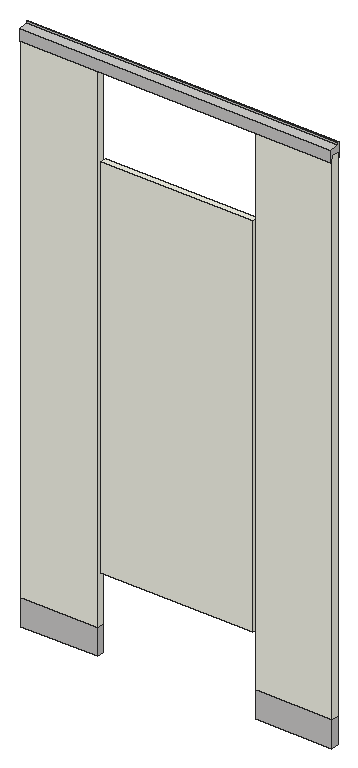
Revit family
Parameters (values of type "B1092")
  URL = "http://www.bobrick.com"
  Right Stile Headrail Value = if(Right Stile Visible, Right Stile Value, 0")  # 12"
  Partition Material = Laminated Plastic - Bobrick - Designer White
  Panel Value = if(DoorPanel Width < 1", 1", if(DoorPanel Width > 84", 84", DoorPanel Width))  # 24"
  Model = "B1092 SierraSeries Overhead Braced"
  Manufacturer = "Bobrick Washroom Equipment, Inc."
  Left Stile Headrail Value = if(Left Stile Visible, Left Stile Value, 0")  # 12"
  Inswing Value = if(DoorPanel Width < 22", 22", if(DoorPanel Width > 37", 37", DoorPanel Width))  # 24"
  DoorPanel Width = 24"
  Right Stile Width = 12"
  Right Stile Visible = yes
  Right Stile Value = if(Right Stile Width < 3", 3", if(Right Stile Width > 24", 24", Right Stile Width))  # 12"
  Panel = not(Door Panel)  # no
  Outswing Value = if(DoorPanel Width < 25", 25", if(DoorPanel Width > 37", 37", DoorPanel Width))  # 25"
  Outswing = and(not(Inswing Visibility), Door Panel)  # no
  Left Stile Width = 12"
  Left Stile Visible = yes
  Left Stile Value = if(Left Stile Width < 3", 3", if(Left Stile Width > 24", 24", Left Stile Width))  # 12"
  Inswing Visibility = and(Inswing, Door Panel)  # yes
  Inswing = yes
  Width Value = if(Inswing Visibility, Inswing Value, if(Outswing, Outswing Value, if(Panel, Panel Value, 36")))  # 24"
  Door Panel = yes
  Description = "Water and Fire-Resistant Solid Color Reinforced Composite Toilet Partitions and Urinal Screens"
  Assembly Code = "C1030200"
  ADA Compliant = yes
Reference planes (in)
  plane 1 "Center (Front/Back)": y = 0
  plane 2: z = 0
  plane 3 "Center (Left/Right)": x = 0
  plane 4: x = -24.5
  plane 5: x = 24.5
  plane 6: y = 0.5
  plane 7: y = -0.5
  plane 8: x = -12.5
  plane 9: x = 12.5
  plane 10: x = -12
  plane 11: x = 12
  plane 12: z = 4
  plane 13: z = 12
  plane 14: z = 70
  plane 15: z = 41
  plane 16: y = 24.5
  plane 17: x = 11
  plane 18: z = 85
  plane 19: z = 83.5625
  plane 20: z = 82.8125
  plane 21: z = 84.31651
Forms (in)
  Extrusion 1, solid, material "Laminated Plastic - Bobrick - Designer White" <- "Partition Material", visible <- "Left Stile Visible"
    sketch origin (0, 0, 0) x (1, 0, 0) y (0, 1, 0)
      loop
        line (-24.5, 0.5) -> (-24.5, -0.5) -> (-12.5, -0.5) -> (-12.5, 0.5) -> (-24.5, 0.5)
    from 4 to 83.5625
  Extrusion 2, solid, material "Stainless Steel - Bobrick - Satin", visible <- "Left Stile Visible"
    sketch origin (0, 0, 0) x (1, 0, 0) y (0, 1, 0)
      loop
        line (-24.5, 0.5) -> (-24.5, -0.5) -> (-12.5, -0.5) -> (-12.5, 0.5) -> (-24.5, 0.5)
    from 0 to 4
  Extrusion 3, solid, material "Laminated Plastic - Bobrick - Designer White" <- "Partition Material"
    sketch origin (0, 0, 0) x (1, 0, 0) y (0, 1, 0)
      loop
        line (-12, 0.5) -> (-12, -0.5) -> (12, -0.5) -> (12, 0.5) -> (-12, 0.5)
    from 12 to 70
  Extrusion 4, solid, material "Laminated Plastic - Bobrick - Designer White" <- "Partition Material", visible <- "Right Stile Visible"
    sketch origin (0, 0, 0) x (-1, 0, 0) y (0, -1, 0)
      loop
        line (-24.5, -0.5) -> (-12.5, -0.5) -> (-12.5, 0.5) -> (-24.5, 0.5) -> (-24.5, -0.5)
    from 4 to 83.5625
  Extrusion 5, solid, material "Stainless Steel - Bobrick - Satin", visible <- "Right Stile Visible"
    sketch origin (0, 0, 0) x (-1, 0, 0) y (0, -1, 0)
      loop
        line (-24.5, -0.5) -> (-12.5, -0.5) -> (-12.5, 0.5) -> (-24.5, 0.5) -> (-24.5, -0.5)
    from 0 to 4
  Sweep 6, solid, material "Stainless Steel - Bobrick - Satin"
    path origin (0, 0, 0) x (1, 0, 0) y (0, 0, 1)
      loop
        line (-24.5, 85) -> (24.5, 85)
    profile origin (0, 0, 85) x (0, 0, 1) y (0, -1, 0)
      loop
        line (0, -0.5) -> (-0.25, -0.5) -> (-0.5625, 0.75) -> (-2.1875, 0.75) -> (-2.1875, 0.5) -> (-1.4375, 0.5) -> (-1.4375, -0.5) -> (-2.1875, -0.5) -> (-2.1875, -0.75) -> (0, -0.75) -> (0, -0.5)
Lines and regions (in)
  Masking region 1, visible <- "Left Stile Visible"
    outline origin (0, 0, 0) x (1, 0, 0) y (0, 0, 1)
      loop
        line (-24.5, 82.8125) -> (-24.5, 0) -> (-12.5, 0) -> (-12.5, 82.8125) -> (-24.5, 82.8125)
  Masking region 2
    outline origin (0, 0, 0) x (1, 0, 0) y (0, 0, 1)
      loop
        line (-12, 70) -> (-12, 12) -> (12, 12) -> (12, 70) -> (-12, 70)
  Masking region 3, visible <- "Right Stile Visible"
    outline origin (0, 0, 0) x (1, 0, 0) y (0, 0, 1)
      loop
        line (12.5, 82.8125) -> (12.5, 0) -> (24.5, 0) -> (24.5, 82.8125) -> (12.5, 82.8125)
  Masking region 4, visible <- "Door Panel"
    outline origin (0, 0, 0) x (1, 0, 0) y (0, 1, 0)
      loop
        line (11, 24.5) -> (11, 0.5) -> (12, 0.5) -> (12, 24.5) -> (11, 24.5)
  Masking region 5, visible <- "Left Stile Visible"
    outline origin (0, 0, 0) x (1, 0, 0) y (0, 1, 0)
      loop
        line (-24.5, 0.5) -> (-24.5, -0.5) -> (-12.5, -0.5) -> (-12.5, 0.5) -> (-24.5, 0.5)
  Masking region 6, visible <- "Right Stile Visible"
    outline origin (0, 0, 0) x (1, 0, 0) y (0, 1, 0)
      loop
        line (12.5, 0.5) -> (12.5, -0.5) -> (24.5, -0.5) -> (24.5, 0.5) -> (12.5, 0.5)
  Masking region 7, visible <- "Panel"
    outline origin (0, 0, 0) x (1, 0, 0) y (0, 1, 0)
      loop
        line (-12, -0.5) -> (12, -0.5) -> (12, 0.5) -> (-12, 0.5) -> (-12, -0.5)
  Masking region 8
    outline origin (0, 0, 0) x (0, 1, 0) y (0, 0, 1)
      loop
        line (0.5, 83.5625) -> (-0.5, 83.5625) -> (-0.5, 0) -> (0.5, 0) -> (0.5, 83.5625)
  Masking region 9
    outline origin (0, 0, 0) x (1, 0, 0) y (0, 0, 1)
      loop
        line (24.5, 85) -> (-24.5, 85) -> (-24.5, 82.8125) -> (24.5, 82.8125) -> (24.5, 85)
  Masking region 10
    outline origin (0, 0, 0) x (0, 1, 0) y (0, 0, 1)
      loop
        line (0.75, 82.8125) -> (0.75, 85) -> (0.5, 85) -> (0.5, 84.75) -> (-0.75, 84.4375) -> (-0.75, 82.8125) -> (-0.5, 82.8125) -> (-0.5, 83.5625) -> (0.5, 83.5625) -> (0.5, 82.8125) -> (0.75, 82.8125)
  symbolic lines, visible <- "Left Stile Visible"
    curve 1: line (-24.5, 0, 4) -> (-12.5, 0, 4)
  symbolic lines, visible <- "Right Stile Visible"
    curve 2: line (12.5, 0, 4) -> (24.5, 0, 4)
  symbolic lines, style "Partition Elevation Swing", visible <- "Door Panel"
    curve 3: line (-12, 0, 70) -> (12, 0, 40.89791)
    curve 4: line (12, 0, 40.89791) -> (-12, 0, 12)
    curve 5: arc (-12, 0.5, 0) -> (-4.97056, 17.47056, 0) -> (12, 24.5, 0) r 24
  symbolic lines, style "Partition"
    curve 6: line (0, 0.5, 4) -> (0, -0.5, 4)
    curve 7: line (-24.5, 0, 84.31651) -> (24.5, 0, 84.31651)
Dimensions and locks (in)
  equal spacing: host sketch curve, plane 1 "Center (Front/Back)", host sketch curve
  equal spacing: host sketch curve, plane 3 "Center (Left/Right)", host sketch curve
  host sketch curve to host sketch curve = 120"  (x2)
  locked: plane 8 to plane 10 at 0.5
  locked: plane 11 to plane 9 at 0.5
  "Width Value": plane 10 to plane 11
  equal spacing: plane 10, plane 3 "Center (Left/Right)", plane 11
  "Left Stile Value": plane 4 to plane 8
  "Right Stile Value": plane 9 to plane 5
  locked: plane 12 to level at 4
  locked: plane 13 to level at 12
  locked: plane 18 to level at 85
  locked: plane 6 to plane 7 at 1
  equal spacing: plane 6, plane 1 "Center (Front/Back)", plane 7
  equal spacing: plane 14, plane 15, plane 13
  "Width Value": plane 16 to plane 6
  locked: plane 17 to plane 11 at 1
  plane 14 to plane 13 = 58"
  "Left Stile Headrail Value": plane 8 to Sweep 6 sketch curve
  "Right Stile Headrail Value": Sweep 6 sketch curve to plane 9
  locked: plane 18 to plane 19 at 1.4375
  locked: plane 18 to plane 20 at 2.1875
  aligned and locked: level to plane 2
  aligned and locked: Extrusion 1 sketch curve to plane 6
  aligned and locked: plane 4 to Extrusion 1 sketch curve
  aligned and locked: plane 7 to Extrusion 1 sketch curve
  aligned and locked: Extrusion 1 sketch curve to plane 8
  aligned: Extrusion 1 to level
  aligned: plane 14 to Extrusion 1
  aligned and locked: Extrusion 1 to plane 12
  aligned and locked: plane 4 to Extrusion 2 sketch curve
  aligned and locked: Extrusion 2 sketch curve to plane 6
  aligned and locked: Extrusion 2 sketch curve to plane 8
  aligned and locked: plane 7 to Extrusion 2 sketch curve
  aligned and locked: plane 12 to Extrusion 2
  aligned and locked: Extrusion 2 to level
  aligned and locked: plane 10 to Extrusion 3 sketch curve
  aligned and locked: Extrusion 3 sketch curve to plane 6
  aligned and locked: plane 7 to Extrusion 3 sketch curve
  aligned and locked: Extrusion 3 sketch curve to plane 11
  aligned and locked: plane 14 to Extrusion 3
  aligned and locked: Extrusion 3 to plane 13
  aligned and locked: Extrusion 5 sketch curve to plane 9
  aligned and locked: plane 6 to Extrusion 5 sketch curve
  aligned and locked: plane 5 to Extrusion 5 sketch curve
  aligned and locked: Extrusion 5 sketch curve to plane 7
  aligned and locked: Extrusion 4 sketch curve to plane 9
  aligned and locked: plane 6 to Extrusion 4 sketch curve
  aligned and locked: Extrusion 4 sketch curve to plane 7
  aligned and locked: plane 5 to Extrusion 4 sketch curve
  aligned: plane 14 to Extrusion 4
  aligned and locked: Masking region 1 sketch curve to plane 4
  aligned and locked: Masking region 1 sketch curve to level
  aligned and locked: Masking region 1 sketch curve to plane 8
  aligned and locked: Masking region 2 sketch curve to plane 14
  aligned and locked: Masking region 2 sketch curve to plane 10
  aligned and locked: Masking region 2 sketch curve to plane 11
  aligned and locked: Masking region 2 sketch curve to plane 13
  aligned and locked: Masking region 3 sketch curve to plane 9
  aligned and locked: Masking region 3 sketch curve to plane 5
  aligned and locked: Masking region 3 sketch curve to level
  aligned and locked: curve 1 to plane 12
  aligned and locked: plane 4 to curve 1
  aligned and locked: plane 8 to curve 1
  aligned and locked: curve 2 to plane 12
  aligned and locked: plane 5 to curve 2
  aligned and locked: plane 9 to curve 2
  aligned and locked: plane 14 to curve 3
  aligned and locked: plane 10 to curve 3
  aligned and locked: plane 11 to curve 4
  aligned and locked: plane 10 to curve 4
  aligned and locked: plane 13 to curve 4
  aligned and locked: Masking region 4 sketch curve to plane 16
  aligned and locked: plane 17 to Masking region 4 sketch curve
  aligned and locked: plane 6 to Masking region 4 sketch curve
  aligned and locked: Masking region 4 sketch curve to plane 11
  aligned and locked: Masking region 5 sketch curve to plane 6
  aligned and locked: plane 4 to Masking region 5 sketch curve
  aligned and locked: plane 7 to Masking region 5 sketch curve
  aligned and locked: Masking region 5 sketch curve to plane 8
  aligned and locked: Masking region 6 sketch curve to plane 6
  aligned and locked: plane 9 to Masking region 6 sketch curve
  aligned and locked: plane 7 to Masking region 6 sketch curve
  aligned and locked: Masking region 6 sketch curve to plane 5
  aligned and locked: Masking region 4 to curve 5
  aligned and locked: plane 10 to curve 5
  aligned and locked: plane 6 to curve 5  (x2)
  aligned and locked: plane 11 to curve 5
  aligned and locked: Masking region 7 sketch curve to plane 7
  aligned and locked: Masking region 7 sketch curve to plane 10
  aligned and locked: plane 6 to Masking region 7 sketch curve
  aligned and locked: plane 11 to Masking region 7 sketch curve
  aligned and locked: level to Masking region 8 sketch curve
  aligned and locked: Masking region 8 sketch curve to plane 6
  aligned and locked: plane 7 to Masking region 8 sketch curve
  aligned and locked: plane 12 to curve 6
  aligned and locked: plane 7 to curve 6
  aligned and locked: plane 6 to curve 6
  aligned and locked: Sweep 6 sketch curve to plane 18
  aligned: Extrusion 1 to Masking region 1
  aligned: Masking region 1 sketch curve to plane 20
  aligned and locked: Masking region 3 sketch curve to plane 20
  aligned and locked: plane 19 to Extrusion 4
  aligned and locked: Masking region 9 sketch curve to plane 4
  aligned and locked: plane 5 to Masking region 9 sketch curve
  aligned and locked: plane 18 to Masking region 9 sketch curve
  aligned and locked: curve 7 to plane 21
  aligned and locked: plane 4 to curve 7
  aligned and locked: plane 5 to curve 7
  aligned and locked: plane 19 to Extrusion 1
  aligned and locked: Masking region 8 sketch curve to plane 19
  aligned and locked: plane 20 to Masking region 10 sketch curve
  aligned and locked: Masking region 10 sketch curve to Sweep 6  (x9)
  aligned and locked: Extrusion 5 to level
  aligned and locked: Extrusion 4 to plane 12
  aligned and locked: plane 12 to Extrusion 5
Automatic sketch dimensions
  curve 4 to plane 15 = 0.10209"
  profile plane to Sweep 6 sketch curve = 0"
  profile plane to Sweep 6 sketch curve = 1/4"
  profile plane to Sweep 6 sketch curve = 9/16"
  Sweep 6 sketch curve to Sweep 6 sketch curve = 7/8"
  Sweep 6 sketch curve to Sweep 6 sketch curve = 3/4"  (x2)
  Sweep 6 sketch curve to plane 1 "Center (Front/Back)" = 3/4"
  Sweep 6 sketch curve to Sweep 6 sketch curve = 1/4"  (x2)
  plane 1 "Center (Front/Back)" to Sweep 6 sketch curve = 1/2"
  plane 1 "Center (Front/Back)" to Sweep 6 sketch curve = 3/4"
  Masking region 9 sketch curve to plane 20 = 0"
  Masking region 1 sketch curve to plane 20 = 0"
